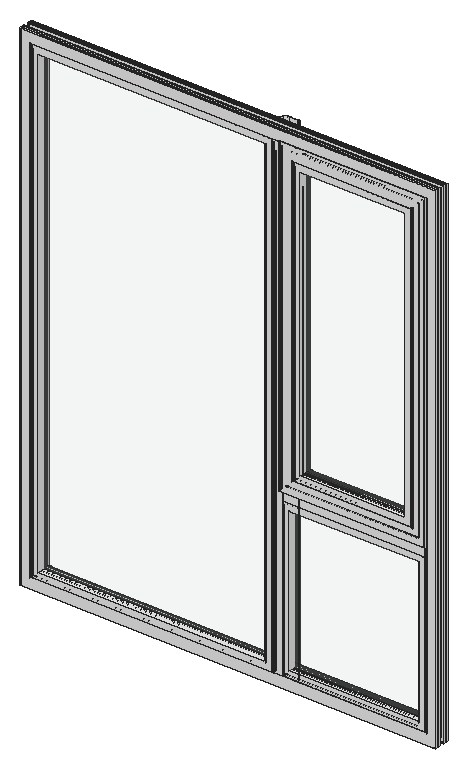
Revit family "Serene_T&T_Window_E_Standard", category Windows, host Wall, Revit 2014 (continued)
Definition of nested family "Serene_Fixed_Panel_E_Std"
  Definition of nested family "Serene_Bead_Square_12mm"
    Reference planes
      plane 1 "Center (Front/Back)": y = 0
      plane 2: z = 0
      plane 3 "Center (Left/Right)": x = 0
    Forms (mm)
      Sweep 1, solid, material <- "Profile Material"
        path origin (0, 0, 0) x (1, 0, 0) y (0, 0, 1)
          loop
            line (0, 0) -> (600, 0) -> (600, 900) -> (0, 900) -> (0, 0)
        profile origin (300, 0, 0) x (0, 0, 1) y (0, -1, 0)
          loop
            line (20.8, -26.3) -> (19.6, -26.3) -> (19.6, -27.5) -> (22, -27.5) -> (22, 0) -> (0, 0) -> (0, -1.2) -> (1.2, -1.2) -> (1.2, -4.2) -> (-1.876, -4.2) -> (-1.876, -3.293) -> (-3.909, -4.467)
            arc (-3.909, -4.467) -> (-4.142, -5.029) -> (-3.659, -5.4) r 0.5
            line (-3.659, -5.4) -> (1.4, -5.4)
            arc (1.4, -5.4) -> (2.107, -5.107) -> (2.4, -4.4) r 1
            line (2.4, -4.4) -> (2.4, -1.2) -> (20.8, -1.2) -> (20.8, -16.2) -> (-3.659, -16.2)
            arc (-3.659, -16.2) -> (-4.142, -16.571) -> (-3.909, -17.133) r 0.5
            line (-3.909, -17.133) -> (-1.876, -18.307) -> (-1.876, -17.4) -> (20.8, -17.4) -> (20.8, -23.4) -> (14.6, -23.4) -> (14.6, -27.5) -> (17, -27.5) -> (17, -26.3) -> (15.8, -26.3) -> (15.8, -24.6) -> (20.8, -24.6) -> (20.8, -26.3)
    Lines and regions (mm)
      model lines, style "GenericModel"
        curve 1: line (22, 0, 878) -> (0, 0, 900)
        curve 2: line (578, 0, 878) -> (600, 0, 900)
        curve 3: line (578, 0, 22) -> (600, 0, 0)
        curve 4: line (22, 0, 22) -> (0, 0, 0)
    Dimensions and locks
      "Width Bead": Sweep 1 sketch curve to Sweep 1 sketch curve
      "Height Bead": Sweep 1 sketch curve to Sweep 1 sketch curve
      aligned and locked: level to plane 2
    Automatic sketch dimensions
      profile plane to Sweep 1 sketch curve = 3.909 mm
      Sweep 1 sketch curve to Sweep 1 sketch curve = 0 mm  (x4)
      Sweep 1 sketch curve to Sweep 1 sketch curve = 0.25 mm  (x2)
      Sweep 1 sketch curve to Sweep 1 sketch curve = 1.783 mm  (x2)
      Sweep 1 sketch curve to Sweep 1 sketch curve = 1.876 mm
      Sweep 1 sketch curve to Sweep 1 sketch curve = 3.076 mm
      Sweep 1 sketch curve to Sweep 1 sketch curve = 0.2 mm  (x2)
      Sweep 1 sketch curve to Sweep 1 sketch curve = 1.2 mm  (x9)
      Sweep 1 sketch curve to Sweep 1 sketch curve = 16.476 mm
      Sweep 1 sketch curve to Sweep 1 sketch curve = 2.6 mm
      Sweep 1 sketch curve to plane 1 "Center (Front/Back)" = 27.5 mm
      Sweep 1 sketch curve to Sweep 1 sketch curve = 1.7 mm
      Sweep 1 sketch curve to Sweep 1 sketch curve = 5.093 mm
      Sweep 1 sketch curve to Sweep 1 sketch curve = 6 mm
      Sweep 1 sketch curve to Sweep 1 sketch curve = 0.267 mm
      Sweep 1 sketch curve to Sweep 1 sketch curve = 0.433 mm
      Sweep 1 sketch curve to Sweep 1 sketch curve = 10.8 mm
      Sweep 1 sketch curve to Sweep 1 sketch curve = 0.5 mm
      Sweep 1 sketch curve to Sweep 1 sketch curve = 0.907 mm
      Sweep 1 sketch curve to Sweep 1 sketch curve = 2.093 mm
      Sweep 1 sketch curve to Sweep 1 sketch curve = 15 mm
      curve 1 to Sweep 1 = 0 mm  (x4)
      curve 4 to Sweep 1 = 0 mm  (x3)
      Sweep 1 to curve 4 = 0 mm
      curve 3 to Sweep 1 = 0 mm  (x3)
      curve 2 to Sweep 1 = 0 mm  (x4)
      Sweep 1 to curve 3 = 0 mm
      Sweep 1 sketch curve to plane 3 "Center (Left/Right)" = 0 mm
      Sweep 1 sketch curve to level = 0 mm
  Definition of nested family "Serene_Bead_D_Glazing_Square"
    Parameters (values of type "Serene_Bead_D_Glazing_Square")
      Width Bead [instance] = 900 mm
      Profile Material [instance] = none
      Height Bead [instance] = 1320 mm
    Reference planes
      plane 1 "Center (Front/Back)": y = 0
      plane 2: z = 0
      plane 3 "Center (Left/Right)": x = 0
    Forms (mm)
      Sweep 1, solid, material <- "Profile Material"
        path origin (0, 0, 0) x (1, 0, 0) y (0, 0, 1)
          loop
            line (0, 0) -> (900, 0) -> (900, 1320) -> (0, 1320) -> (0, 0)
        profile origin (450, 0, 0) x (0, 0, 1) y (0, -1, 0)
          loop
            line (22, -16.5) -> (22, 0) -> (0, 0) -> (0, -1.2) -> (1.2, -1.2) -> (1.2, -4.2) -> (-1.876, -4.2) -> (-1.876, -3.293) -> (-3.909, -4.467)
            arc (-3.909, -4.467) -> (-4.142, -5.029) -> (-3.659, -5.4) r 0.5
            line (-3.659, -5.4) -> (1.4, -5.4)
            arc (1.4, -5.4) -> (2.107, -5.107) -> (2.4, -4.4) r 1
            line (2.4, -4.4) -> (2.4, -1.2) -> (20.8, -1.2) -> (20.8, -12.4) -> (14.6, -12.4) -> (0, -16.7) -> (-3.659, -16.7)
            arc (-3.659, -16.7) -> (-4.142, -17.071) -> (-3.909, -17.633) r 0.5
            line (-3.909, -17.633) -> (-1.876, -18.807) -> (-1.876, -17.9) -> (0.173, -17.9) -> (14.6, -13.651) -> (14.6, -16.5) -> (17, -16.5) -> (17, -15.3) -> (15.8, -15.3) -> (15.8, -13.6) -> (20.8, -13.6) -> (20.8, -15.3) -> (19.6, -15.3) -> (19.6, -16.5) -> (22, -16.5)
    Lines and regions (mm)
      model lines, style "GenericModel"
        curve 1: line (22, 0, 1298) -> (0, 0, 1298)
        curve 2: line (878, 0, 1298) -> (900, 0, 1298)
        curve 3: line (878, 0, 22) -> (900, 0, 22)
        curve 4: line (22, 0, 22) -> (0, 0, 22)
    Dimensions and locks
      "Width Bead": Sweep 1 sketch curve to Sweep 1 sketch curve
      "Height Bead": Sweep 1 sketch curve to Sweep 1 sketch curve
      aligned and locked: level to plane 2
    Automatic sketch dimensions
      profile plane to Sweep 1 sketch curve = 3.909 mm  (x2)
      Sweep 1 sketch curve to Sweep 1 sketch curve = 0.25 mm  (x2)
      Sweep 1 sketch curve to Sweep 1 sketch curve = 2.033 mm
      Sweep 1 sketch curve to Sweep 1 sketch curve = 1.783 mm
      Sweep 1 sketch curve to Sweep 1 sketch curve = 1.876 mm  (x2)
      Sweep 1 sketch curve to Sweep 1 sketch curve = 0.173 mm
      Sweep 1 sketch curve to Sweep 1 sketch curve = 1.2 mm  (x9)
      Sweep 1 sketch curve to Sweep 1 sketch curve = 0.2 mm
      Sweep 1 sketch curve to Sweep 1 sketch curve = 12.2 mm
      Sweep 1 sketch curve to Sweep 1 sketch curve = 0 mm  (x4)
      Sweep 1 sketch curve to Sweep 1 sketch curve = 2.6 mm
      Sweep 1 sketch curve to plane 1 "Center (Front/Back)" = 18.807 mm
      Sweep 1 sketch curve to Sweep 1 sketch curve = 0.907 mm  (x2)
      Sweep 1 sketch curve to Sweep 1 sketch curve = 0.267 mm
      Sweep 1 sketch curve to Sweep 1 sketch curve = 0.433 mm
      Sweep 1 sketch curve to plane 1 "Center (Front/Back)" = 16.5 mm
      Sweep 1 sketch curve to Sweep 1 sketch curve = 1.649 mm
      Sweep 1 sketch curve to Sweep 1 sketch curve = 1.7 mm
      Sweep 1 sketch curve to Sweep 1 sketch curve = 1.251 mm
      Sweep 1 sketch curve to Sweep 1 sketch curve = 11.3 mm
      Sweep 1 sketch curve to Sweep 1 sketch curve = 0.5 mm
      Sweep 1 sketch curve to Sweep 1 sketch curve = 0.7 mm
      Sweep 1 sketch curve to Sweep 1 sketch curve = 3 mm
      curve 1 to Sweep 1 = 0 mm  (x3)
      curve 4 to Sweep 1 = 0 mm  (x2)
      Sweep 1 to curve 4 = 0 mm
      curve 3 to Sweep 1 = 0 mm  (x2)
      curve 2 to Sweep 1 = 0 mm  (x2)
      Sweep 1 to curve 3 = 0 mm
      Sweep 1 to curve 2 = 0 mm
      Sweep 1 sketch curve to plane 3 "Center (Left/Right)" = 0 mm
      Sweep 1 sketch curve to level = 0 mm
  Definition of nested family "Serene_Single_Glazing_Fixed_E_Std"
    Parameters (values of type "Single_Glazing_Fixed")
      Glazing Width [instance] = 900 mm
      Glazing Height [instance] = 1500 mm
      Glazing Thickness SG [instance] = 4 mm
      Glazing Material [instance] = Glass
    Reference planes
      plane 1 "Center (Front/Back)": y = 0
      plane 2: z = 0
      plane 3 "Center (Left/Right)": x = 0
    Forms (mm)
      Extrusion 1, solid, material "Glass" <- "Glazing Material"
        sketch origin (0, 0, 0) x (1, 0, 0) y (0, 0, 1)
          loop
            line (0, 0) -> (0, 1500) -> (-900, 1500) -> (-900, 0) -> (0, 0)
        from 0 to 4 <- "Glazing Thickness SG"
    Dimensions and locks
      "Glazing Width": plane 3 "Center (Left/Right)" to Extrusion 1 sketch curve
      "Glazing Height": Extrusion 1 sketch curve to level
      aligned and locked: level to plane 2
      aligned and locked: Extrusion 1 sketch curve to plane 3 "Center (Left/Right)"
      aligned and locked: level to Extrusion 1 sketch curve
  Definition of nested family "Serene_Double_Glazing_Fixed_E_Std"
    Parameters (values of type "Double_Glazing_Fixed")
      Glazing Width [instance] = 600 mm
      Glazing Height [instance] = 600 mm
      Glazing Thickness DG [instance] = 4 mm
      Glazing Material [instance] = Glass
      Double Glazing Gasket Thickness [instance] = 12 mm
      Double Glazing Gasket Material [instance] = none
    Reference planes
      plane 1 "Center (Front/Back)": y = 0
      plane 2: z = 0
      plane 3 "Center (Left/Right)": x = 0
    Forms (mm)
      Extrusion 1, solid, material "Glass" <- "Glazing Material"
        sketch origin (0, 0, 0) x (1, 0, 0) y (0, 0, 1)
          loop
            line (0, 0) -> (0, 600) -> (-600, 600) -> (-600, 0) -> (0, 0)
        from 0 to 4 <- "Glazing Thickness DG"
      Extrusion 2, solid, material <- "Double Glazing Gasket Material"
        sketch origin (0, -4, 0) x (1, 0, 0) y (0, 0, 1)
          loop
            line (-600, 600) -> (-600, 0) -> (0, 0) -> (0, 600) -> (-600, 600)
          loop
            line (-592, 8) -> (-8, 8) -> (-8, 592) -> (-592, 592) -> (-592, 8)
        from 0 to 12 <- "Double Glazing Gasket Thickness"
      Extrusion 3, solid, material "Glass" <- "Glazing Material"
        sketch origin (0, -16, 0) x (1, 0, 0) y (0, 0, 1)
          loop
            line (-600, 600) -> (-600, 0) -> (0, 0) -> (0, 600) -> (-600, 600)
        from 0 to 4 <- "Glazing Thickness DG"
    Dimensions and locks
      "Glazing Width": plane 3 "Center (Left/Right)" to Extrusion 1 sketch curve
      "Glazing Height": Extrusion 1 sketch curve to level
      aligned and locked: level to plane 2
      aligned and locked: Extrusion 1 sketch curve to plane 3 "Center (Left/Right)"
      aligned and locked: level to Extrusion 1 sketch curve
      aligned and locked: Extrusion 2 sketch curve to Extrusion 1  (x4)
      aligned and locked: Extrusion 3 sketch curve to Extrusion 2  (x4)
    Automatic sketch dimensions
      Extrusion 2 sketch curve to Extrusion 1 = 8 mm  (x4)
Definition of nested family "Serene_Transom_44mm_Flat_E_Std"
  Parameters (values of type "Serene_Transom_44mm_Flat")
    Profile Material [instance] = none
    Length Transom [instance] = 250 mm
    Length Cut = 22 mm  # constant formula
  Reference planes
    plane 1 "Center (Front/Back)": y = 0
    plane 2: z = 0
    plane 3 "Center (Left/Right)": x = 0
  Forms (mm)
    Extrusion 1, solid, material <- "Profile Material"
      sketch origin (0, 0, 0) x (0, 1, 0) y (0, 0, 1)
        loop
          line (15.982, 319.501) -> (57.682, 319.501) -> (57.682, 346.701) -> (15.982, 346.701) -> (15.982, 319.501)
        loop
          line (59.182, 375.101) -> (54.979, 375.101) -> (54.979, 372.601) -> (56.179, 372.601) -> (56.179, 373.801) -> (57.683, 373.801) -> (57.683, 368.601) -> (56.179, 368.601) -> (56.179, 369.801) -> (54.979, 369.801) -> (54.979, 367.301) -> (57.682, 367.301) -> (57.682, 348.101) -> (50.38, 348.101) -> (50.38, 353.101) -> (47.436, 353.101) -> (46.269, 351.601) -> (49.08, 351.601) -> (49.08, 348.101) -> (35.58, 348.101) -> (35.58, 351.601) -> (40.89, 351.601) -> (39.724, 353.101) -> (33.287, 353.101) -> (32.297, 351.101) -> (33.98, 351.101) -> (33.98, 348.101) -> (15.98, 348.101) -> (15.98, 351.101) -> (18.662, 351.101) -> (17.673, 353.101) -> (14.48, 353.101) -> (14.48, 313.1) -> (17.673, 313.1) -> (18.662, 315.1) -> (15.98, 315.1) -> (15.98, 318.1) -> (33.98, 318.1) -> (33.98, 315.1) -> (32.297, 315.1) -> (33.287, 313.1) -> (39.724, 313.1) -> (40.89, 314.6) -> (35.58, 314.6) -> (35.58, 318.1) -> (49.08, 318.1) -> (49.08, 314.6) -> (46.269, 314.6) -> (47.436, 313.1) -> (50.38, 313.1) -> (50.38, 318.1) -> (57.682, 318.1) -> (57.682, 298.901) -> (54.979, 298.901) -> (54.979, 296.401) -> (56.179, 296.401) -> (56.179, 297.601) -> (57.683, 297.601) -> (57.683, 292.401) -> (56.179, 292.401) -> (56.179, 293.601) -> (54.979, 293.601) -> (54.979, 291.101) -> (59.182, 291.101) -> (59.182, 375.101)
      from 0 to 250 <- "Length Transom"
    Extrusion 2, void
      sketch origin (250, 0, 0) x (0, -1, 0) y (0, 0, 1)
        loop
          line (-54.979, 375.101) -> (-59.182, 375.101) -> (-59.182, 291.101) -> (-54.979, 291.101) -> (-54.979, 375.101)
      from 0 to 22 <- "Length Cut"
    Extrusion 3, void
      sketch origin (0, 0, 0) x (0, 1, 0) y (0, 0, 1)
        loop
          line (59.182, 375.101) -> (54.979, 375.101) -> (54.979, 291.101) -> (59.182, 291.101) -> (59.182, 375.101)
      from 0 to 22 <- "Length Cut"
  Cuts and joins
    Extrusion 2, Extrusion 3 cuts Extrusion 1
  Dimensions and locks
    aligned and locked: level to plane 2
Definition of nested family "Serene_Single_Glazing_Tilt_&_Turn_E_Std"
  Parameters (values of type "Single_Glazing_Tilt_&_Turn")
    Tilt [instance] = yes
    Right Hinged [instance] = yes
    Left Hinged [instance] = yes
    Half Width [instance] = Glazing Width / 2  # 450 mm
    Half Height [instance] = Glazing Height / 2  # 750 mm
    Glazing Width [instance] = 900 mm
    Glazing Height [instance] = 1500 mm
    Glazing Thickness SG [instance] = 4 mm
    Glazing Material [instance] = Glass
    Glazing Bead Gap = 21.8 mm  # constant formula
  Reference planes
    plane 1 "Center (Front/Back)": y = 0
    plane 2: z = 0
    plane 3 "Center (Left/Right)": x = 0
  Forms (mm)
    Extrusion 1, solid, material "Glass" <- "Glazing Material"
      sketch origin (0, 0, 0) x (1, 0, 0) y (0, 0, 1)
        loop
          line (0, 0) -> (0, 1500) -> (-900, 1500) -> (-900, 0) -> (0, 0)
      from 0 to 4 <- "Glazing Thickness SG"
  Lines and regions (mm)
    model lines, style "GenericModelHiddenLines", visible <- "Left Hinged"
      curve 1: line (-878.2, 0, 1478.2) -> (-21.8, 0, 750)
      curve 2: line (-21.8, 0, 750) -> (-878.2, 0, 21.8)
    model lines, style "GenericModelHiddenLines", visible <- "Right Hinged"
      curve 3: line (-21.8, 0, 1478.2) -> (-878.2, 0, 750)
      curve 4: line (-878.2, 0, 750) -> (-21.8, 0, 21.8)
    model lines, style "GenericModelHiddenLines", visible <- "Tilt"
      curve 5: line (-878.2, 0, 21.8) -> (-450, 0, 1478.2)
      curve 6: line (-450, 0, 1478.2) -> (-21.8, 0, 21.8)
  Dimensions and locks
    "Glazing Width": plane 3 "Center (Left/Right)" to Extrusion 1 sketch curve
    "Glazing Height": Extrusion 1 sketch curve to level
    "Glazing Bead Gap": curve 2 to Extrusion 1
    "Glazing Bead Gap": Extrusion 1 to curve 2  (x2)
    "Glazing Bead Gap": Extrusion 1 to curve 4  (x2)
    "Glazing Bead Gap": curve 4 to Extrusion 1
    "Glazing Bead Gap": Extrusion 1 to curve 3  (x2)
    "Glazing Bead Gap": Extrusion 1 to curve 1  (x2)
    "Half Height": curve 4 to Extrusion 1
    "Half Height": curve 2 to Extrusion 1
    "Glazing Bead Gap": Extrusion 1 to curve 6
    "Half Width": plane 3 "Center (Left/Right)" to curve 6
    aligned and locked: level to plane 2
    aligned and locked: Extrusion 1 sketch curve to plane 3 "Center (Left/Right)"
    aligned and locked: level to Extrusion 1 sketch curve
Definition of nested family "Serene_Single_Glazing_Fixed_E_Std"
  Parameters (values of type "Single_Glazing_Fixed")
    Glazing Width [instance] = 900 mm
    Glazing Height [instance] = 1500 mm
    Glazing Thickness SG [instance] = 4 mm
    Glazing Material [instance] = Glass
  Reference planes
    plane 1 "Center (Front/Back)": y = 0
    plane 2: z = 0
    plane 3 "Center (Left/Right)": x = 0
  Forms (mm)
    Extrusion 1, solid, material "Glass" <- "Glazing Material"
      sketch origin (0, 0, 0) x (1, 0, 0) y (0, 0, 1)
        loop
          line (0, 0) -> (0, 1500) -> (-900, 1500) -> (-900, 0) -> (0, 0)
      from 0 to 4 <- "Glazing Thickness SG"
  Dimensions and locks
    "Glazing Width": plane 3 "Center (Left/Right)" to Extrusion 1 sketch curve
    "Glazing Height": Extrusion 1 sketch curve to level
    aligned and locked: level to plane 2
    aligned and locked: Extrusion 1 sketch curve to plane 3 "Center (Left/Right)"
    aligned and locked: level to Extrusion 1 sketch curve
Definition of nested family "Serene_Mullion_73mm_Decorative_E_Std"
  Parameters (values of type "Serene_Mullion_73mm_Decorative")
    Profile Material [instance] = none
    Length Mullion [instance] = 250 mm
    Length Cut Small = 40 mm  # constant formula
    Length Cut Large = 62 mm  # constant formula
  Reference planes
    plane 1 "Center (Front/Back)": y = 0
    plane 2: z = 0
    plane 3 "Center (Left/Right)": x = 0
  Forms (mm)
    Extrusion 1, solid, material <- "Profile Material"
      sketch origin (0, 0, 0) x (1, 0, 0) y (0, 1, 0)
        loop
          line (77.052, 29.065) -> (77.052, 60.144)
          arc (77.052, 60.144) -> (74.468, 68.56) -> (67.608, 74.077) r 15
          arc (67.608, 74.077) -> (64.642, 75.915) -> (62.488, 78.661) r 10
          arc (62.488, 78.661) -> (56.97, 84.466) -> (49.252, 86.604) r 15
          line (49.252, 86.604) -> (44.549, 86.604) -> (44.549, 84.104) -> (45.749, 84.104) -> (45.749, 85.304) -> (47.253, 85.304) -> (47.253, 80.104) -> (45.749, 80.104) -> (45.749, 81.304) -> (44.549, 81.304) -> (44.549, 78.804) -> (47.252, 78.804) -> (47.252, 59.604) -> (39.95, 59.604) -> (39.95, 64.604) -> (37.006, 64.604) -> (35.839, 63.104) -> (38.65, 63.104) -> (38.65, 59.604) -> (25.15, 59.604) -> (25.15, 63.104) -> (30.46, 63.104) -> (29.294, 64.604) -> (22.857, 64.604) -> (21.867, 62.604) -> (23.55, 62.604) -> (23.55, 59.604) -> (5.55, 59.604) -> (5.55, 62.604) -> (8.232, 62.604) -> (7.243, 64.604) -> (4.05, 64.604) -> (4.05, 24.603) -> (7.243, 24.603) -> (8.232, 26.603) -> (5.55, 26.603) -> (5.55, 29.603) -> (23.55, 29.603) -> (23.55, 26.603) -> (21.867, 26.603) -> (22.857, 24.603) -> (29.294, 24.603) -> (30.46, 26.103) -> (25.15, 26.103) -> (25.15, 29.603) -> (38.65, 29.603) -> (38.65, 26.103) -> (35.839, 26.103) -> (37.006, 24.603) -> (39.95, 24.603) -> (39.95, 29.603) -> (47.252, 29.603) -> (47.252, 10.404) -> (44.549, 10.404) -> (44.549, 7.904) -> (45.749, 7.904) -> (45.749, 9.104) -> (47.253, 9.104) -> (47.253, 3.904) -> (45.749, 3.904) -> (45.749, 5.104) -> (44.549, 5.104) -> (44.549, 2.604) -> (49.252, 2.604)
          arc (49.252, 2.604) -> (56.97, 4.743) -> (62.488, 10.548) r 15
          arc (62.488, 10.548) -> (64.642, 13.293) -> (67.608, 15.132) r 10
          arc (67.608, 15.132) -> (74.468, 20.649) -> (77.052, 29.065) r 15
        loop
          line (75.652, 29.065) -> (75.652, 60.144)
          arc (75.652, 60.144) -> (73.31, 67.774) -> (67.09, 72.777) r 13.6
          arc (67.09, 72.777) -> (63.708, 74.872) -> (61.253, 78.002) r 11.4
          arc (61.253, 78.002) -> (56.034, 83.392) -> (48.752, 85.195) r 13.6
          line (48.752, 85.195) -> (48.752, 4.014)
          arc (48.752, 4.014) -> (56.034, 5.816) -> (61.253, 11.206) r 13.6
          arc (61.253, 11.206) -> (63.708, 14.336) -> (67.09, 16.432) r 11.4
          arc (67.09, 16.432) -> (73.31, 21.434) -> (75.652, 29.065) r 13.6
        loop
          line (5.552, 31.004) -> (47.252, 31.004) -> (47.252, 58.204) -> (5.552, 58.204) -> (5.552, 31.004)
      from 0 to 250 <- "Length Mullion"
    Extrusion 2, void
      sketch origin (0, 0, 250) x (0, 1, 0) y (1, 0, 0)
        loop
          line (2.604, 44.549) -> (86.604, 44.549) -> (86.604, 56.052) -> (2.604, 56.052) -> (2.604, 44.549)
      from 0 to 62 <- "Length Cut Large"
    Extrusion 3, void
      sketch origin (0, 0, 250) x (0, 1, 0) y (1, 0, 0)
        loop
          line (64.604, 4.05) -> (64.604, 44.549) -> (24.603, 44.549) -> (24.603, 4.05) -> (64.604, 4.05)
      from 0 to 40 <- "Length Cut Small"
    Extrusion 4, void
      sketch origin (0, 0, 0) x (1, 0, 0) y (0, 1, 0)
        loop
          line (44.549, 86.604) -> (44.549, 2.604) -> (56.052, 2.604) -> (56.052, 86.604) -> (44.549, 86.604)
      from 0 to 62 <- "Length Cut Large"
    Extrusion 5, void
      sketch origin (0, 0, 0) x (1, 0, 0) y (0, 1, 0)
        loop
          line (44.549, 24.603) -> (44.549, 64.604) -> (4.05, 64.604) -> (4.05, 24.603) -> (44.549, 24.603)
      from 0 to 40 <- "Length Cut Small"
  Cuts and joins
    Extrusion 2, Extrusion 3, Extrusion 4, Extrusion 5 cuts Extrusion 1
  Dimensions and locks
    aligned and locked: level to plane 2
Types (18, lengths in mm): name | Windload Design | Width | Standard Mullion | Overall Width | Overall Height | Max Pane Area | Length Decorative Mullion | Intruderprufe U Value | Intruderprufe SHGC Value | Intruderprufe LowE U Value | Intruderprufe LowE SHGC Value | Height | Heavy Duty Mullion | Fixed Panel Right Width | Fixed Panel Right Height | Fixed Panel Left Height | Energy Advantage U Value | Energy Advantage SHGC Value | Custom Window Width | Custom Window Height | Custom Windload | Length Mullion | Clearvue U Value | Clearvue SHGC Value | Clearvue Insulated U Value | Clearvue Insulated SHGC Value | Clearvue Insulated LowE U Value | Clearvue Insulated LowE SHGC Value | Area Glazing Fixed Panel Right | Area Glazing Fixed Panel Left
  52TT-0915S-1000Pa | 1000 | 890 | yes | 890 | 1490 | 0.430707 m² | 1490 | 6.16 | 0.458 | 4.58 | 0.406 | 1490 | no | 260.4 | 1410 | 260.4 | 5.64 | 0.444 | 890 | 1490 | 1000 | 1410 | 6.24 | 0.494 | 4.5 | 0.435 | 4.11 | 0.397 | 0.35056 m² | 0.1251 m²
  52TT-0915S-1500Pa | 1500 | 890 | yes | 890 | 1490 | 0.430707 m² | 1490 | 6.16 | 0.458 | 4.58 | 0.406 | 1490 | no | 260.4 | 1410 | 260.4 | 5.64 | 0.444 | 890 | 1490 | 1500 | 1410 | 6.24 | 0.494 | 4.5 | 0.435 | 4.11 | 0.397 | 0.35056 m² | 0.1251 m²
  52TT-0915S-2000Pa | 2000 | 890 | yes | 890 | 1490 | 0.430707 m² | 1490 | 6.16 | 0.458 | 4.58 | 0.406 | 1490 | no | 260.4 | 1410 | 260.4 | 5.64 | 0.444 | 890 | 1490 | 2000 | 1410 | 6.24 | 0.494 | 4.5 | 0.435 | 4.11 | 0.397 | 0.35056 m² | 0.1251 m²
  52TT-1215S-1000Pa | 1000 | 1190 | yes | 890 | 1490 | 0.77056 m² | 1490 | 6.05 | 0.523 | 4.5 | 0.464 | 1490 | no | 560.4 | 1410 | 260.4 | 5.26 | 0.507 | 1190 | 1490 | 1000 | 1410 | 6.16 | 0.566 | 4.14 | 0.498 | 3.67 | 0.454 | 0.77056 m² | 0.1251 m²
  52TT-1215S-1500Pa | 1500 | 1190 | yes | 890 | 1490 | 0.77056 m² | 1490 | 6.05 | 0.523 | 4.5 | 0.464 | 1490 | no | 560.4 | 1410 | 260.4 | 5.26 | 0.507 | 1190 | 1490 | 1500 | 1410 | 6.16 | 0.566 | 4.14 | 0.498 | 3.67 | 0.454 | 0.77056 m² | 0.1251 m²
  52TT-1215S-2000Pa | 2000 | 1190 | no | 890 | 1490 | 0.77056 m² | 1490 | 6.05 | 0.523 | 4.5 | 0.464 | 1490 | yes | 560.4 | 1410 | 260.4 | 5.26 | 0.507 | 1190 | 1490 | 2000 | 1410 | 6.16 | 0.566 | 4.14 | 0.498 | 3.67 | 0.454 | 0.77056 m² | 0.1251 m²
  52TT-1515S-1000Pa | 1000 | 1490 | yes | 1490 | 1490 | 1.19056 m² | 1490 | 5.98 | 0.563 | 4.45 | 0.499 | 1490 | no | 860.4 | 1410 | 260.4 | 5.04 | 0.545 | 1490 | 1490 | 1000 | 1410 | 6.11 | 0.609 | 3.93 | 0.536 | 3.4 | 0.488 | 1.19056 m² | 0.1251 m²
  52TT-1515S-1500Pa | 1500 | 1490 | no | 1490 | 1490 | 1.19056 m² | 1490 | 5.98 | 0.563 | 4.45 | 0.499 | 1490 | yes | 860.4 | 1410 | 260.4 | 5.04 | 0.545 | 1490 | 1490 | 1500 | 1410 | 6.11 | 0.609 | 3.93 | 0.536 | 3.4 | 0.488 | 1.19056 m² | 0.1251 m²
  52TT-1515S-2000Pa | 2000 | 1490 | no | 1490 | 1490 | 1.19056 m² | 1490 | 5.98 | 0.563 | 4.45 | 0.499 | 1490 | yes | 860.4 | 1410 | 260.4 | 5.04 | 0.545 | 1490 | 1490 | 2000 | 1410 | 6.11 | 0.609 | 3.93 | 0.536 | 3.4 | 0.488 | 1.19056 m² | 0.1251 m²
  52TT-0918S-1000Pa | 1000 | 890 | yes | 1490 | 1490 | 0.430707 m² | 1790 | 6.12 | 0.478 | 4.55 | 0.424 | 1790 | no | 260.4 | 1710 | 560.4 | 5.55 | 0.464 | 890 | 1790 | 1000 | 1710 | 6.2 | 0.516 | 4.39 | 0.454 | 3.98 | 0.414 | 0.42568 m² | 0.27498 m²
  52TT-0918S-1500Pa | 1500 | 890 | no | 1490 | 1490 | 0.430707 m² | 1790 | 6.12 | 0.478 | 4.55 | 0.424 | 1790 | yes | 260.4 | 1710 | 560.4 | 5.55 | 0.464 | 890 | 1790 | 1500 | 1710 | 6.2 | 0.516 | 4.39 | 0.454 | 3.98 | 0.414 | 0.42568 m² | 0.27498 m²
  52TT-0918S-2000Pa | 2000 | 890 | no | 1490 | 1490 | 0.430707 m² | 1790 | 6.12 | 0.478 | 4.55 | 0.424 | 1790 | yes | 260.4 | 1710 | 560.4 | 5.55 | 0.464 | 890 | 1790 | 2000 | 1710 | 6.2 | 0.516 | 4.39 | 0.454 | 3.98 | 0.414 | 0.42568 m² | 0.27498 m²
  52TT-1218S-1000Pa | 1000 | 1190 | no | 1490 | 1490 | 0.93568 m² | 1790 | 6.01 | 0.542 | 4.47 | 0.48 | 1790 | yes | 560.4 | 1710 | 560.4 | 5.17 | 0.525 | 1190 | 1790 | 1000 | 1710 | 6.13 | 0.586 | 4.04 | 0.515 | 3.55 | 0.469 | 0.93568 m² | 0.27498 m²
  52TT-1218S-1500Pa | 1500 | 1190 | no | 1490 | 1490 | 0.93568 m² | 1790 | 6.01 | 0.542 | 4.47 | 0.48 | 1790 | yes | 560.4 | 1710 | 560.4 | 5.17 | 0.525 | 1190 | 1790 | 1500 | 1710 | 6.13 | 0.586 | 4.04 | 0.515 | 3.55 | 0.469 | 0.93568 m² | 0.27498 m²
  52TT-1218S-2000Pa | 2000 | 1190 | no | 1490 | 1490 | 0.93568 m² | 1790 | 6.01 | 0.542 | 4.47 | 0.48 | 1790 | yes | 560.4 | 1710 | 560.4 | 5.17 | 0.525 | 1190 | 1790 | 2000 | 1710 | 6.13 | 0.586 | 4.04 | 0.515 | 3.55 | 0.469 | 0.93568 m² | 0.27498 m²
  52TT-1518S-1000Pa | 1000 | 1490 | no | 1490 | 1490 | 1.44568 m² | 1790 | 5.95 | 0.58 | 4.42 | 0.514 | 1790 | yes | 860.4 | 1710 | 560.4 | 7.9 | 0 | 1490 | 1790 | 1000 | 1710 | 7.9 | 0 | 3.84 | 0.552 | 3.29 | 0.502 | 1.44568 m² | 0.27498 m²
  52TT-1518S-1500Pa | 1500 | 1490 | no | 1490 | 1490 | 1.44568 m² | 1790 | 5.95 | 0.58 | 4.42 | 0.514 | 1790 | yes | 860.4 | 1710 | 560.4 | 7.9 | 0 | 1490 | 1790 | 1500 | 1710 | 7.9 | 0 | 3.84 | 0.552 | 3.29 | 0.502 | 1.44568 m² | 0.27498 m²
  52TT-1518S-2000Pa | 2000 | 1490 | no | 1490 | 1790 | 1.44568 m² | 1790 | 5.95 | 0.58 | 4.42 | 0.514 | 1790 | yes | 860.4 | 1710 | 560.4 | 7.9 | 0 | 1490 | 1790 | 2000 | 1710 | 7.9 | 0 | 3.84 | 0.552 | 3.29 | 0.502 | 1.44568 m² | 0.27498 m²
